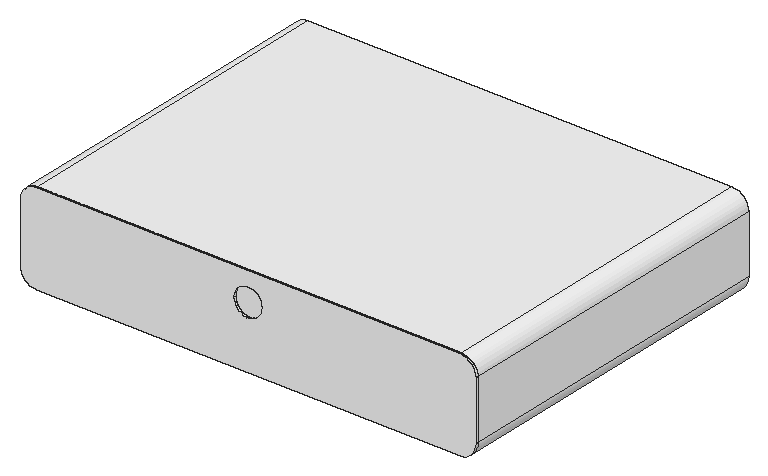
Revit family "Accessories-Teknion-JNAMD-Drawer_Module-R2015", category Furniture, Revit 2015
Parameters (values of type "Letter Size")
  Width [instance] = if(Letter Size, 14.098", if(Pocket Size, 7.049", 7.049"))  # 14.098"
  Warranty = "http://www.teknion.com/ca/papers/legal-canada"
  Unit Weight URL = "http://www.teknion.com/ca/tools/assets#&asset=bee6a381-b954-425e-8283-5a2de3a804f2,f828d448-4b62-4231-9e5f-9a8991c0ed77"
  Under Worksurface Mounting Style [instance] = no
  URL = "www.teknion.com"
  Sustainability Data = "http://www.teknion.com/ca/tools/assets#&topic=216f99a5-57a0-44fc-b10a-9dee9b29ae4c&asset=444deb64-fe58-4b68-981e-f75e97781df7"
  Shelf Base [instance] = if(Pocket Size, 3.815", 2.815")  # 2.815"
  Series = "Expansion Cityline"  # constant formula
  Product Page URL = "http://www.teknion.com/ca/products/product-details?productlineid=9ad2a26e-8e7a-673b-a6c8-ff05004460c4"
  Product Line = "Expansion Cityline"  # constant formula
  Product Documentation Link = "http://www.teknion.com/pricing/expansion-cityline/pdfs/JNAMD_ppg.pdf"
  Pocket Size = not(Letter Size)  # no
  Pedestal with Open Cubby Mounting Style [instance] = no
  Part Number = "JNAMD"  # constant formula
  Note [instance] = "The Pocket Size Drawer is available with Mounting Style option : Freestanding or Under Worksurface only."  # constant formula
  Model = "JNAMD"  # constant formula
  Manufacturer Phone = "416-661-3370"  # constant formula
  Manufacturer Fax = "416.661.4586"  # constant formula
  Manufacturer Contact Information = "http://www.teknion.com/ca/contactus"
  Manufacturer Address = "1150 Flint Road, Toronto, ON. M3J 2J5. Canada"  # constant formula
  Manufacturer = "Teknion"  # constant formula
  Letter Size = yes
  Key Hole Depth [instance] = if(not(Has No Lock), 2.000", 1.000")  # 2.000"
  Height [instance] = if(and(Pocket Size, Freestanding Mounting Style), 32.815", if(and(Letter Size, Freestanding Mounting Style), 31.815", if(and(Letter Size, Pedestal with Open Cubby Mounting Style), 21.827", if(and(Pocket Size, Under Worksurface Mounting Style), 27.811", if(and(Letter Size, Under Worksurface Mounting Style), 27.811", 31.815")))))  # 31.815"
  Has No Lock [instance] = no
  Freestanding Mounting Style [instance] = yes
  Drawer Unit Finish [instance] = Mica - Teknion - V - Satin - Very White
  Drawer Front Finish [instance] = Mica - Teknion - V - Satin - Very White
  Description = "Personal Storage Drawer"  # constant formula
  Assembly Code = "E2020200"
Types (2): name | Width | Shelf Base | Pocket Size | Letter Size | Height
  Letter Size | 14.098" | 2.815" | no | yes | 31.815"
  Pocket Size | 7.049" | 3.815" | yes | no | 32.815"
Reference planes (in)
  plane 1 "Center Front/Back": y = -0.02953
  plane 2: z = 0
  plane 3 "Center Left/Right": x = 0
  plane 4 "Left": x = -7.049
  plane 5 "Right": x = 7.049
  plane 6 "Back": y = 5.22047
  plane 7 "Front": y = -5.27953
  plane 8 "Top": z = 31.815
  plane 9: y = -5.22047
  plane 10 "Void Cut Plane": y = -6.77953
  plane 11: z = 29
Forms (in)
  Extrusion 1, solid, material "Mica - Teknion - V - Satin - Very White" <- "Drawer Unit Finish"
    sketch origin (0, -0.02953, 0) x (1, 0, 0) y (0, 0, 1)
      loop
        line (-6.549, 29) -> (6.549, 29)
        arc (6.549, 29) -> (6.90255, 29.14645) -> (7.049, 29.5) r 0.5
        line (7.049, 29.5) -> (7.049, 31.315)
        arc (7.049, 31.315) -> (6.90255, 31.66855) -> (6.549, 31.815) r 0.5
        line (6.549, 31.815) -> (-6.549, 31.815)
        arc (-6.549, 31.815) -> (-6.90255, 31.66855) -> (-7.049, 31.315) r 0.5
        line (-7.049, 31.315) -> (-7.049, 29.5)
        arc (-7.049, 29.5) -> (-6.90255, 29.14645) -> (-6.549, 29) r 0.5
    from -5.25 to 5.19094
  Extrusion 2, solid, material "Mica - Teknion - V - Satin - Very White" <- "Drawer Front Finish"
    sketch origin (0, -5.27953, 0) x (-1, 0, 0) y (0, 0, -1)
      loop
        arc (6.549, -31.815) -> (6.90255, -31.66855) -> (7.049, -31.315) r 0.5
        line (7.049, -31.315) -> (7.049, -29.5)
        arc (7.049, -29.5) -> (6.90255, -29.14645) -> (6.549, -29) r 0.5
        line (6.549, -29) -> (-6.549, -29)
        arc (-6.549, -29) -> (-6.90255, -29.14645) -> (-7.049, -29.5) r 0.5
        line (-7.049, -29.5) -> (-7.049, -31.315)
        arc (-7.049, -31.315) -> (-6.90255, -31.66855) -> (-6.549, -31.815) r 0.5
        line (-6.549, -31.815) -> (6.549, -31.815)
    from -0.05906 to 0
  Extrusion 3, void
    sketch origin (0, -0.02953, 0) x (1, 0, 0) y (0, 0, 1)
      loop
        circle (0, 30.93996) r 0.4375
    from 4.75 to 6.75
Cuts and joins
  Extrusion 3 cuts Extrusion 2
Lines and regions (in)
  Masking region 1
    outline origin (0, 0, 0) x (1, 0, 0) y (0, 1, 0)
      loop
        line (-7.049, 5.22047) -> (-7.049, -5.27953) -> (7.049, -5.27953) -> (7.049, 5.22047) -> (-7.049, 5.22047)
  symbolic lines, detail levels medium+fine
    curve 1: line (-7.049, -5.22047, 0) -> (7.049, -5.22047, 0)
Dimensions and locks (in)
  "Width": plane 4 "Left" to plane 5 "Right"
  locked: plane 6 "Back" to plane 7 "Front" at 10.5
  "Height": plane 8 "Top" to level
  equal spacing: plane 4 "Left", plane 3 "Center Left/Right", plane 5 "Right"
  equal spacing: plane 7 "Front", plane 1 "Center Front/Back", plane 6 "Back"
  locked: Extrusion 1 sketch curve to plane 4 "Left" at 0.5  (x2)
  locked: Extrusion 1 sketch curve to plane 5 "Right" at 0.5  (x2)
  locked: plane 7 "Front" to plane 9 at 0.05906
  locked: Extrusion 2 sketch curve to plane 4 "Left" at 0.5  (x2)
  locked: Extrusion 2 sketch curve to plane 5 "Right" at 0.5  (x2)
  locked: plane 7 "Front" to plane 10 "Void Cut Plane" at 1.5
  locked: plane 3 "Center Left/Right" to Extrusion 3 sketch curve at 0
  locked: Extrusion 3 sketch curve to plane 8 "Top" at 0.87504
  "Key Hole Depth": Extrusion 3 to plane 10 "Void Cut Plane"
  "Shelf Base": plane 8 "Top" to plane 11
  aligned and locked: level to plane 2
  aligned and locked: plane 8 "Top" to Extrusion 1 sketch curve
  aligned and locked: plane 6 "Back" to Extrusion 1
  aligned and locked: plane 9 to Extrusion 1
  aligned and locked: Extrusion 2 sketch curve to plane 8 "Top"
  aligned and locked: Extrusion 2 sketch curve to plane 4 "Left"
  aligned and locked: plane 5 "Right" to Extrusion 2 sketch curve
  aligned and locked: Extrusion 2 to plane 9
  aligned and locked: plane 7 "Front" to Extrusion 2
  aligned and locked: Extrusion 3 to plane 10 "Void Cut Plane"
  aligned and locked: Masking region 1 sketch curve to plane 4 "Left"
  aligned and locked: Masking region 1 sketch curve to plane 6 "Back"
  aligned and locked: Masking region 1 sketch curve to plane 5 "Right"
  aligned and locked: plane 7 "Front" to Masking region 1 sketch curve
  aligned and locked: curve 1 to Extrusion 1
  aligned and locked: plane 11 to Extrusion 2 sketch curve
  aligned and locked: plane 11 to Extrusion 1 sketch curve
Automatic sketch dimensions
  Extrusion 1 sketch curve to plane 4 "Left" = 0.000"
  plane 5 "Right" to Extrusion 1 sketch curve = 0.000"
  curve 1 to plane 4 "Left" = 0.000"
  curve 1 to plane 5 "Right" = 0.000"
  radius of Extrusion 3 sketch curve = 0.4375"
